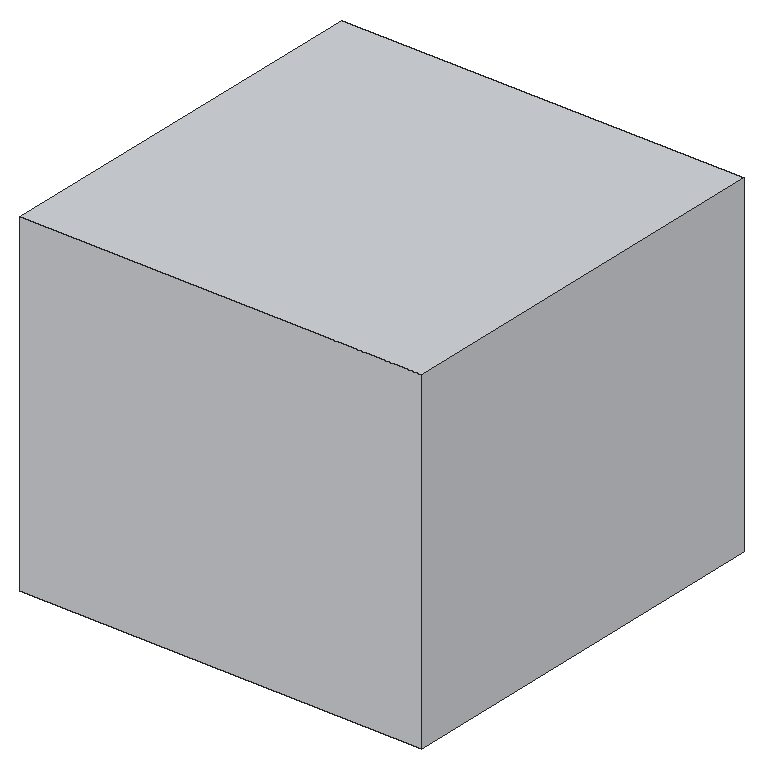
Revit family "defaultFamily", category Generic Models, Revit 2024
Family settings
  Can host rebar = No
  Round Connector Dimension = Use Diameter
  Part Type = Normal
  Work Plane-Based = No
  Always vertical = Yes
  Cut with Voids When Loaded = No
  Maintain Annotation Orientation = No
  Shared = No
  Room Calculation Point = No
Parameters
  Default Elevation = 0 mm
Reference planes
  plane 1 "Center (Front/Back)": y = 0
  plane 2: z = 0
  plane 3 "Center (Left/Right)": x = 0
Forms (mm)
  Extrusion 1, solid
    sketch origin (0, 0, 0) x (1, 0, 0) y (0, 1, 0)
      loop
        line (0, 0) -> (300, 0) -> (300, 300) -> (0, 300) -> (0, 0)
    from 0 to 250
Dimensions and locks
  aligned and locked: level to plane 2
